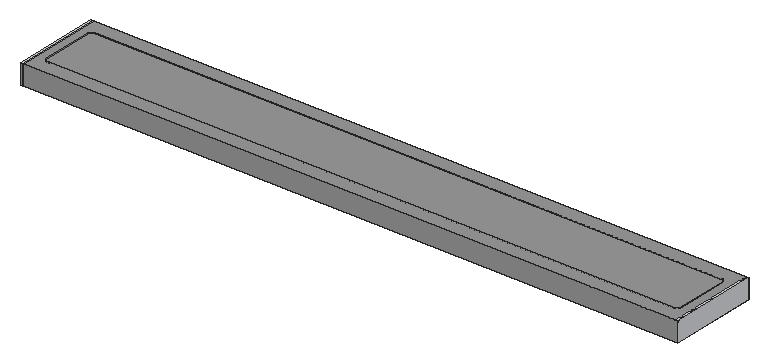
Revit family "2021699", category Lighting Fixtures, host Face, Revit 2018
Family settings
  Host = Face
  Round Connector Dimension = Use Diameter
  Part Type = Normal
  OmniClass Number = 23.80.70.00
  OmniClass Title = Lighting
  Cut with Voids When Loaded = No
  Light Source = Yes
  Shared = No
  Room Calculation Point = No
Parameters (values of type "2021699 OPTIX S 1500 MPO D/I 4K DA EM")
  spacer height = 5 mm
  spacer centres = 1000 mm
  lens width = 1135 mm
  full length = 1500 mm
  Width = 200 mm
  Weight = "n/a"
  Wattage Comments = ""
  Wattage = 9.2903 W
  WarrantyStartDate [instance] = "n/a"
  WarrantyGuarantorParts = "n/a"
  WarrantyDurationUnit = "n/a"
  WarrantyDurationParts = ""
  WarrantyDescription = "http://www.sylvania-lighting.com"
  built-in parameter 1150110 = 1 (stored number, unit not read)
  Voltage = 0 V
  URL = "1"
  TypeName = "OPTIX SURFACE 1500 MPO D/I 4000K DALI EM"
  Type Image = <None>
  Type Comments = "n/a"
  built-in parameter 1114217 = 1 (stored number, unit not read)
  Tilt Angle = 90.00°
  built-in parameter 1150109 = 1 (stored number, unit not read)
  built-in parameter 1150134 = 3
  built-in parameter 1150113 = 1 (stored number, unit not read)
  SerialNumber [instance] = "n/a"
  Photometric Web File = "2021699.ies"
  Material_3_FEILO = none
  PowerFactor = 0
  PowerConsumption = "Lighting"
  NominalLength = 200 mm
  NominalHeight = 0 mm
  NominalDepth = 0 mm
  Name = "OPTIX SURFACE 1500 MPO D/I 4000K DALI EM"
  ModelReference = Name  # "OPTIX SURFACE 1500 MPO D/I 4000K DALI EM"
  ModelNumber = "2021699"
  Model = Name  # "OPTIX SURFACE 1500 MPO D/I 4000K DALI EM"
  Material = "Feilo Sylvania"
  ManufacturerName = "130 lm/W"
  Manufacturer = ""
  LuminousEfficacy = ""
  built-in parameter 1150105 = 109.82 (stored number, unit not read)
  Lumens = 1380 lm
  LuminaireType = "0"
  built-in parameter 1150115 = 1 (stored number, unit not read)
  LightOutputRatio = "LED"
  built-in parameter 1150137 = (empty or 0)
  built-in parameter 1150139 = (empty or 0)
  Lens Width = 135 mm
  Length = 1188 mm
  LampsType = Lamp  # "n/a"
  LampNominalLuminous = "4000 K"
  LampMacAdamStep = "80"
  LampColourTemperature = "LED"
  LampColourRenderingIndex = "16500"
  built-in parameter 1150112 = 1 (stored number, unit not read)
  built-in parameter 1150114 = 1 (stored number, unit not read)
  Lamp = "n/a"
  Keynote = "n/a"
  InstallationDate [instance] = "n/a"
  InputVoltage = "0"
  InputNominalFrequency = "4000"
  built-in parameter 1150132 = (empty or 0)
  built-in parameter 1150102 = (empty or 0)
  built-in parameter 1150107 = 3200 (stored number, unit not read)
  built-in parameter 1150138 = (empty or 0)
  IngressProtection = "IfcLightFixtureType"
  ImpactProtectionIndex = "IfcLightFixtureType"
  built-in parameter 1150106 = 1.0982 (stored number, unit not read)
  IfcExportType = "IfcLightFixtureType"
  IfcExportAs = "Class I"
  Height = 50 mm
  ExpectedLife = 50000
  Emit from Circle Diameter = 609.6 mm
  Emit Shape Visible in Rendering = no
  ElectricShockClassification = "130"
  built-in parameter 1150104 = 13.8 (stored number, unit not read)
  DurationUnit = "hours"
  DocumentationLiterature = "http://www.sylvania-lighting.com/product/en-int/products/2021699"
  DimmingControlOptions = "n/a"
  Material_2_FEILO = none
  Dimming Lamp Color Temperature Shift = <None>
  Description = "OPTIX SURFACE 1500 MPO D/I 4000K DALI EM is a high efficacy low glare suspended LED Linear luminaire with Micro Prismatic diffuser, with direct/indirect light distribution, luminaire dimensions: 1500x200x50mm, Sylvania White body colour (RAL9016), IP20, IK07, DALI Dimmable, 3hr maintained emergency version, low LED flicker (+/-5%), Neutral White (4000K) LED Colour Temperature, 6650lm luminous flux, 51W power consumption, 130lm/W system efficacy, CRI>80, SDCM 3 (3-step MacAdam ellipse) LED Colour Consistency, UGR<18, Luminance at 65° < 3000 cd/m2, lumen maintenance: L90B50 at 71000h, photobiological safety risk group 1. Electrical protection Class I."
  Default Elevation = 1219.2 mm
  CreatedOn = "31/01/2022"
  CreatedBy = "@sylvania-lighting.com"
  Cost = 0
  Color Filter = 16777215
  built-in parameter 1114216 [instance] = (empty or 0)
  ClassificationValue = "EF_70_80"
  ClassificationName = "Uniclass2015"
  Material_1_FEILO = none
  BarCode [instance] = "n/a"
  built-in parameter 1114218 = 1 (stored number, unit not read)
  built-in parameter 1150133 = 10 (stored number, unit not read)
  AssetType = "Fixed"
  AssetIdentifier [instance] = "n/a"
  Assembly Code = "D5020200"
  Apparent Load = 51 VA
  Material_4_FEILO = none
Reference planes
  plane 1 "Center (Front/Back)": y = 0
  plane 2: z = 0
  plane 3 "Center (Left/Right)": x = 0
  plane 4: z = 0
  plane 5: z = 50
  plane 6: y = 100
  plane 7: y = -100
  plane 8: x = -594
  plane 9: x = 594
  plane 10: z = 5
  plane 11: x = -500
  plane 12: x = 500
  plane 13: y = 10
  plane 14: y = -10
  plane 15: x = 487.5
  plane 16: x = 512.5
  plane 17: x = -512.5
  plane 18: x = -487.5
  plane 19: x = -567.5
  plane 20: x = 567.5
  plane 21: y = 67.5
  plane 22: y = -67.5
  plane 23: x = -557.5
  plane 24: y = 57.5
  plane 25: y = -57.5
  plane 26: x = 557.5
  plane 27: x = -750
  plane 28: x = 750
  plane 29: x = -700.314
  plane 30: x = 723.5
  plane 31: x = -671.814
  plane 32: x = 695
  plane 33: x = -744
  plane 34: x = 744
Forms (mm)
  Extrusion 1, solid, material "Aluminum 1100-H18", detail levels medium+fine
    sketch origin (4.2, 0, 0) x (1, 0, 0) y (0, 1, 0)
      loop
        line (-754.2, 100) -> (-754.2, -100) -> (745.8, -100) -> (745.8, 100) -> (-754.2, 100)
    from 5 to 50
  Extrusion 2, solid
    sketch origin (186.707, 0, 0) x (1, 0, 0) y (0, 1, 0)
      loop
        line (483.3, 10) -> (483.3, -10) -> (508.3, -10) -> (508.3, 10) -> (483.3, 10)
    from 0 to 5
  Extrusion 3, solid
    sketch origin (-155.18, 0, 0) x (1, 0, 0) y (0, 1, 0)
      loop
        line (-516.7, 10) -> (-516.7, -10) -> (-491.7, -10) -> (-491.7, 10) -> (-516.7, 10)
    from 0 to 5
  Extrusion 4, void, detail levels fine
    sketch origin (4.2, 0, 0) x (0, 1, 0) y (1, 0, 0)
      loop
        line (67.5, -717.7) -> (67.5, 709.3)
        arc (67.5, 709.3) -> (64.571, 716.371) -> (57.5, 719.3) r 10
        line (57.5, 719.3) -> (-57.5, 719.3)
        arc (-57.5, 719.3) -> (-64.571, 716.371) -> (-67.5, 709.3) r 10
        line (-67.5, 709.3) -> (-67.5, -717.7)
        arc (-67.5, -717.7) -> (-64.571, -724.771) -> (-57.5, -727.7) r 10
        line (-57.5, -727.7) -> (57.5, -727.7)
        arc (57.5, -727.7) -> (64.571, -724.771) -> (67.5, -717.7) r 10
    from -50 to -48
  Extrusion 5, solid, detail levels medium+fine
    sketch origin (4.2, 0, 0) x (1, 0, 0) y (0, 1, 0)
      loop
        line (-754.2, 100) -> (-754.2, -100) -> (-748.2, -100) -> (-748.2, 100) -> (-754.2, 100)
    from 5 to 50
  Extrusion 6, solid, detail levels medium+fine
    sketch origin (4.2, 0, 0) x (1, 0, 0) y (0, 1, 0)
      loop
        line (739.8, 100) -> (739.8, -100) -> (745.8, -100) -> (745.8, 100) -> (739.8, 100)
    from 5 to 50
  Extrusion 7, solid, material "Glass, White, High Luminance", detail levels fine
    sketch origin (4.2, 0, 0) x (1, 0, 0) y (0, 1, 0)
      loop
        arc (-717.7, 67.5) -> (-724.771, 64.571) -> (-727.7, 57.5) r 10
        line (-727.7, 57.5) -> (-727.7, -57.5)
        arc (-727.7, -57.5) -> (-724.771, -64.571) -> (-717.7, -67.5) r 10
        line (-717.7, -67.5) -> (709.3, -67.5)
        arc (709.3, -67.5) -> (716.371, -64.571) -> (719.3, -57.5) r 10
        line (719.3, -57.5) -> (719.3, 57.5)
        arc (719.3, 57.5) -> (716.371, 64.571) -> (709.3, 67.5) r 10
        line (709.3, 67.5) -> (-717.7, 67.5)
    from 48 to 49.5
  Extrusion 8, solid, detail levels coarse
    sketch origin (4.2, 0, 0) x (1, 0, 0) y (0, 1, 0)
      loop
        line (-754.2, 100) -> (-754.2, -100) -> (745.8, -100) -> (745.8, 100) -> (-754.2, 100)
    from 0 to 50
Cuts and joins
  Extrusion 4 cuts Extrusion 2
  Extrusion 4 cuts Extrusion 3
  Extrusion 4 cuts Extrusion 1
Dimensions and locks
  "Width": plane 6 to plane 7
  equal spacing: plane 6, plane 1 "Center (Front/Back)", plane 7
  "Length": plane 8 to plane 9
  equal spacing: plane 8, plane 3 "Center (Left/Right)", plane 9
  "spacer height": plane 10 to host face
  "Height": plane 5 to level
  "spacer centres": plane 11 to plane 12
  equal spacing: plane 11, plane 3 "Center (Left/Right)", plane 12
  "lens width": plane 19 to plane 20
  equal spacing: plane 19, plane 3 "Center (Left/Right)", plane 20
  "Lens Width": plane 21 to plane 22
  equal spacing: plane 21, plane 1 "Center (Front/Back)", plane 22
  "full length": plane 27 to plane 28
  equal spacing: plane 27, plane 3 "Center (Left/Right)", plane 28
  aligned and locked: plane 2 to host face
  aligned and locked: level to host face
Automatic sketch dimensions
  host sketch curve to host sketch curve = 2438.4 mm  (x2)
  Extrusion 1 sketch curve to plane 7 = 0 mm
  Extrusion 1 sketch curve to plane 8 = 156 mm
  plane 9 to Extrusion 1 sketch curve = 156 mm
  Extrusion 1 sketch curve to plane 6 = 0 mm
  Extrusion 2 sketch curve to plane 14 = 0 mm
  plane 15 to Extrusion 2 sketch curve = 182.507 mm
  plane 16 to Extrusion 2 sketch curve = 182.507 mm
  Extrusion 2 sketch curve to plane 13 = 0 mm
  Extrusion 3 sketch curve to plane 14 = 0 mm
  Extrusion 3 sketch curve to plane 17 = 159.38 mm
  Extrusion 3 sketch curve to plane 18 = 159.38 mm
  Extrusion 3 sketch curve to plane 13 = 0 mm
  Extrusion 4 sketch curve to plane 22 = 0 mm
  Extrusion 4 sketch curve to plane 19 = 156 mm
  Extrusion 4 sketch curve to plane 25 = 0 mm  (x2)
  plane 20 to Extrusion 4 sketch curve = 156 mm
  Extrusion 4 sketch curve to plane 24 = 0 mm  (x2)
  Extrusion 4 sketch curve to plane 23 = 156 mm
  Extrusion 5 sketch curve to plane 7 = 0 mm
  Extrusion 5 sketch curve to plane 27 = 0 mm
  Extrusion 5 sketch curve to plane 8 = 150 mm
  Extrusion 5 sketch curve to plane 6 = 0 mm
  Extrusion 6 sketch curve to plane 7 = 0 mm
  plane 9 to Extrusion 6 sketch curve = 150 mm
  Extrusion 6 sketch curve to plane 28 = 0 mm
  Extrusion 6 sketch curve to plane 6 = 0 mm
  Extrusion 7 sketch curve to plane 23 = 156 mm  (x2)
  Extrusion 7 sketch curve to plane 21 = 0 mm
  Extrusion 7 sketch curve to plane 22 = 0 mm
  plane 26 to Extrusion 7 sketch curve = 156 mm  (x2)
  plane 20 to Extrusion 7 sketch curve = 156 mm
  Extrusion 7 sketch curve to plane 24 = 0 mm
  Extrusion 8 sketch curve to plane 7 = 0 mm
  Extrusion 8 sketch curve to plane 27 = 0 mm
  Extrusion 8 sketch curve to plane 28 = 0 mm
  Extrusion 8 sketch curve to plane 6 = 0 mm
Connectors
  electrical at (0, 0, 0), driven by "Apparent Load", driven by "PowerFactor", driven by "Voltage"
    settings: index 1, voltage 0 V, apparent load 51 VA, apparent load phase1 0 VA, apparent load phase2 0 VA, apparent load phase3 0 VA, power factor 0, load classification "Lighting", number of poles 1, system type 30, power factor state 1, is connector primary yes, connector utility no, sub classification motor no, connector description ""
